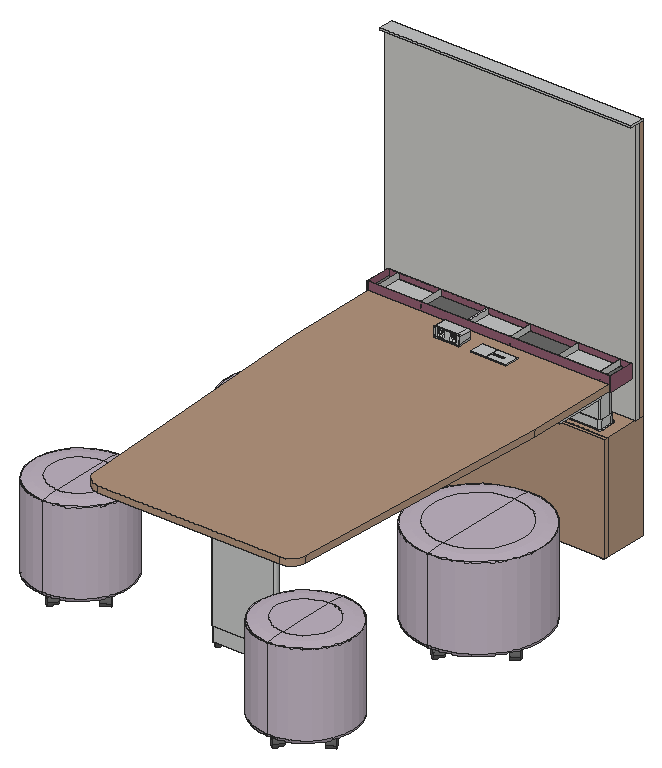
Revit family "Expansion_Casegoods-Meeting_01-Teknion-R2018", category Furniture Systems, Revit 2018 (continued)
Definition of nested family "Workstations-Multi_Level-Teknion-BHKHA-Mid_Height_Kneespace_Module-R2018"
  Lines and regions (in)
    symbolic lines
      curve 3: line (-22.46047, -2.49014, 0) -> (-15.08646, -2.49014, 0)
      curve 4: line (-22.90732, 0.17324, 0) -> (-22.90732, -2.04329, 0)
      curve 5: line (-14.63961, -2.04329, 0) -> (-14.63961, 0.17324, 0)
      curve 6: arc (-22.90732, 0.17324, 0) -> (-22.77644, 0.48921, 0) -> (-22.46047, 0.62009, 0) r 0.44685
      curve 7: arc (-15.08646, 0.62009, 0) -> (-14.77049, 0.48921, 0) -> (-14.63961, 0.17324, 0) r 0.44685
      curve 8: arc (-14.63961, -2.04329, 0) -> (-14.77049, -2.35927, 0) -> (-15.08646, -2.49014, 0) r 0.44685
      curve 9: arc (-22.46047, -2.49014, 0) -> (-22.77644, -2.35927, 0) -> (-22.90732, -2.04329, 0) r 0.44685
      curve 10: line (22.22583, 0.62009, 0) -> (14.85181, 0.62009, 0)
      curve 11: line (14.40496, 0.17324, 0) -> (14.40496, -2.04329, 0)
      curve 12: line (22.67268, -2.04329, 0) -> (22.67268, 0.17324, 0)
      curve 13: line (14.85181, -2.49014, 0) -> (22.22583, -2.49014, 0)
      curve 14: arc (14.85181, 0.62009, 0) -> (14.53584, 0.48921, 0) -> (14.40496, 0.17324, 0) r 0.44685
      curve 15: arc (22.67268, 0.17324, 0) -> (22.5418, 0.48921, 0) -> (22.22583, 0.62009, 0) r 0.44685
      curve 16: arc (14.40496, -2.04329, 0) -> (14.53584, -2.35927, 0) -> (14.85181, -2.49014, 0) r 0.44685
      curve 17: arc (22.22583, -2.49014, 0) -> (22.5418, -2.35927, 0) -> (22.67268, -2.04329, 0) r 0.44685
    symbolic lines, detail levels medium+fine
      curve 18: line (-28.95157, 4.73426, 0) -> (-28.95157, -3.51995, 0)
      curve 19: line (28.71693, 4.03348, 0) -> (-28.95157, 4.03348, 0)
      curve 20: line (28.71693, -3.51995, 0) -> (28.71693, 4.73426, 0)
      curve 21: line (0.39055, -3.51995, 0) -> (0.39055, 4.03348, 0)
      curve 22: line (-0.6252, -3.51995, 0) -> (-0.6252, 4.03348, 0)
    symbolic lines, detail levels fine
      curve 23: arc (-28.20997, 3.48618, 0) -> (-28.70997, 2.98618, 0) -> (-29.20997, 3.48618, 0) r 0.5
      curve 24: arc (-29.20997, 3.48618, 0) -> (-28.70997, 3.98618, 0) -> (-28.20997, 3.48618, 0) r 0.5
      curve 25: arc (-29.20997, -2.97265, 0) -> (-28.70997, -2.47265, 0) -> (-28.20997, -2.97265, 0) r 0.5
      curve 26: arc (-28.20997, -2.97265, 0) -> (-28.70997, -3.47265, 0) -> (-29.20997, -2.97265, 0) r 0.5
      curve 27: arc (27.97532, 3.48618, 0) -> (28.47532, 3.98618, 0) -> (28.97532, 3.48618, 0) r 0.5
      curve 28: arc (28.97532, 3.48618, 0) -> (28.47532, 2.98618, 0) -> (27.97532, 3.48618, 0) r 0.5
      curve 29: arc (27.97532, -2.97265, 0) -> (28.47532, -2.47265, 0) -> (28.97532, -2.97265, 0) r 0.5
      curve 30: arc (28.97532, -2.97265, 0) -> (28.47532, -3.47265, 0) -> (27.97532, -2.97265, 0) r 0.5
    symbolic lines, visible <- "Cabinet Divider 2D Lines"
      curve 31: line (-0.17638, -3.51995, 0) -> (-0.17638, -4.22074, 0)
      curve 32: line (-0.05827, -4.22074, 0) -> (-0.05827, -3.51995, 0)
  Dimensions and locks (in)
    "Actual Width": plane 4 "Left" to plane 5 "Right"
    locked: plane 6 "Back" to plane 7 "Front" at 8.955
    locked: plane 8 "Top" to level at 21
    equal spacing: plane 7 "Front", plane 1 "Center Front/Back", plane 6 "Back"
    equal spacing: plane 4 "Left", plane 3 "Center Left/Right", plane 5 "Right"
    locked: Sweep 1 sketch curve to plane 2 at 0.60236
    locked: plane 7 "Front" to Sweep 1 sketch curve at 0.70079
    locked: plane 7 "Front" to Sweep 2 sketch curve at 0.70079
    locked: plane 8 "Top" to Sweep 2 sketch curve at 0.11811
    locked: Sweep 2 sketch curve to level at 0.72047
    Sweep 3 sketch curve to plane 8 "Top" to Sweep 3 sketch curve = 1.73425" locked, 1.76575" locked
    Sweep 3 sketch curve to Sweep 3 sketch curve to Sweep 3 sketch curve to Sweep 3 sketch curve to Sweep 3 sketch curve to Sweep 3 sketch curve = 0.44685" locked, 0.000" locked, 7.37402" locked, 0.000" locked, 0.44685" locked
    Sweep 3 sketch curve to Sweep 3 sketch curve to Sweep 3 sketch curve to Sweep 3 sketch curve to Sweep 3 sketch curve to plane 1 "Center Front/Back" to Sweep 3 sketch curve = 0.44685" locked, 0.000" locked, 2.21654" locked, 0.000" locked, 0.08352" locked, 0.36333" locked
    Sweep 4 sketch curve to plane 8 "Top" to Sweep 4 sketch curve = 1.73425" locked, 1.76575" locked
    Sweep 4 sketch curve to Sweep 4 sketch curve to Sweep 4 sketch curve to Sweep 4 sketch curve to Sweep 4 sketch curve to Sweep 4 sketch curve = 0.44685" locked, 0.000" locked, 7.37402" locked, 0.000" locked, 0.44685" locked
    Sweep 4 sketch curve to Sweep 4 sketch curve to Sweep 4 sketch curve to Sweep 4 sketch curve to Sweep 4 sketch curve to plane 1 "Center Front/Back" to Sweep 4 sketch curve = 0.44685" locked, 0.000" locked, 2.21654" locked, 0.000" locked, 0.08352" locked, 0.36333" locked
    locked: Sweep 5 sketch curve to plane 2 at 0.60236
    locked: plane 4 "Left" to Sweep 5 sketch curve at 1.25736  (x2)
    locked: plane 6 "Back" to Sweep 5 sketch curve at 1.24809  (x2)
    locked: Sweep 5 sketch curve to plane 5 "Right" at 1.25736  (x2)
    locked: plane 7 "Front" to Sweep 5 sketch curve at 1.24809  (x2)
    locked: plane 8 "Top" to Sweep 6 sketch curve at 1.01575
    locked: Sweep 6 sketch curve to plane 2 at 1.61811
    locked: plane 6 "Back" to Sweep 6 sketch curve at 0.70079
    locked: plane 4 "Left" to Sweep 6 sketch curve at 1.01575
    locked: plane 7 "Front" to Sweep 6 sketch curve at 0.70079
    locked: Sweep 6 sketch curve to plane 5 "Right" at 1.01575
    locked: Sweep 7 sketch curve to plane 4 "Left" at 1.01575
    locked: Sweep 7 sketch curve to plane 5 "Right" at 1.01575
    locked: plane 8 "Top" to Sweep 7 sketch curve at 1.01575
    locked: Sweep 7 sketch curve to plane 2 at 9
    Sweep 8 sketch curve to plane 3 "Center Left/Right" to Sweep 8 sketch curve = 0.50787" locked, 0.50787" locked
    locked: plane 6 "Back" to Sweep 8 sketch curve at 0.70079
    locked: plane 8 "Top" to Sweep 8 sketch curve at 1.01575
    locked: Sweep 8 sketch curve to plane 7 "Front" at 0.70079
    locked: Sweep 8 sketch curve to level at 1.61811
    locked: plane 7 "Front" to plane 9 at 2
    "Cabinet Divider Cut Hole Depth": Sweep 9 sketch curve to plane 9
    Sweep 9 sketch curve to plane 3 "Center Left/Right" to Sweep 9 sketch curve = 0.05906" locked, 0.05906" locked
    locked: plane 8 "Top" to Sweep 9 sketch curve at 0.11811
    locked: Sweep 9 sketch curve to plane 2 at 0.72047
    "Cabinet Hole Offset": plane 4 "Left" to Sweep 3 sketch curve
    "Cabinet Hole Offset": Sweep 4 sketch curve to plane 5 "Right"
    locked: plane 6 "Back" to nested 1 at 3
    aligned and locked: level to plane 2
    aligned and locked: plane 8 "Top" to Sweep 1 sketch curve
    aligned and locked: plane 3 "Center Left/Right" to Sweep 1 sketch curve
    aligned and locked: plane 4 "Left" to Sweep 1 sketch curve
    aligned and locked: Sweep 1 sketch curve to plane 6 "Back"
    aligned and locked: Sweep 1 sketch curve to plane 5 "Right"
    aligned and locked: plane 7 "Front" to Sweep 2 sketch curve
    aligned and locked: Sweep 2 sketch curve to plane 5 "Right"
    aligned and locked: Sweep 2 sketch curve to plane 4 "Left"
    aligned and locked: plane 2 to Sweep 5 sketch curve
    aligned and locked: plane 1 "Center Front/Back" to Sweep 8 sketch curve
    aligned and locked: plane 9 to Sweep 9 sketch curve
    aligned and locked: Masking region 1 sketch curve to plane 4 "Left"
    aligned and locked: Masking region 1 sketch curve to plane 6 "Back"
    aligned and locked: Masking region 1 sketch curve to plane 5 "Right"
    aligned and locked: Masking region 1 sketch curve to plane 7 "Front"
    aligned and locked: curve 1 to cut or joined group of Sweep 1, Sweep 3, Sweep 4, Sweep 6, Sweep 7
    aligned and locked: curve 6 to cut or joined group of Sweep 1, Sweep 3, Sweep 4, Sweep 6, Sweep 7
    aligned and locked: curve 7 to cut or joined group of Sweep 1, Sweep 3, Sweep 4, Sweep 6, Sweep 7
    aligned and locked: curve 8 to cut or joined group of Sweep 1, Sweep 3, Sweep 4, Sweep 6, Sweep 7
    aligned and locked: curve 9 to cut or joined group of Sweep 1, Sweep 3, Sweep 4, Sweep 6, Sweep 7
    aligned and locked: curve 14 to cut or joined group of Sweep 1, Sweep 3, Sweep 4, Sweep 6, Sweep 7
    aligned and locked: curve 15 to cut or joined group of Sweep 1, Sweep 3, Sweep 4, Sweep 6, Sweep 7
    aligned and locked: curve 16 to cut or joined group of Sweep 1, Sweep 3, Sweep 4, Sweep 6, Sweep 7
    aligned and locked: curve 17 to cut or joined group of Sweep 1, Sweep 3, Sweep 4, Sweep 6, Sweep 7
    aligned and locked: curve 18 to cut or joined group of Sweep 1, Sweep 3, Sweep 4, Sweep 6, Sweep 7
    aligned and locked: curve 19 to cut or joined group of Sweep 1, Sweep 3, Sweep 4, Sweep 6, Sweep 7
    aligned and locked: curve 20 to cut or joined group of Sweep 1, Sweep 3, Sweep 4, Sweep 6, Sweep 7
    aligned and locked: curve 21 to Sweep 8
    aligned and locked: curve 22 to Sweep 8
    aligned and locked: curve 23 to Sweep 5
    aligned and locked: curve 24 to Sweep 5
    aligned and locked: curve 25 to Sweep 5
    aligned and locked: curve 26 to Sweep 5
    aligned and locked: curve 27 to Sweep 5
    aligned and locked: curve 28 to Sweep 5
    aligned and locked: curve 29 to Sweep 5
    aligned and locked: curve 30 to Sweep 5
    aligned and locked: curve 31 to cut or joined group of Sweep 2, Sweep 9
    aligned and locked: cut or joined group of Sweep 2, Sweep 9 to curve 32
    aligned and locked: plane 3 "Center Left/Right" to nested 1
  Automatic sketch dimensions
    Sweep 2 sketch curve to plane 3 "Center Left/Right" = 0.000"
    plane 4 "Left" to Sweep 3 sketch curve = 6.4675"
    plane 3 "Center Left/Right" to Sweep 4 sketch curve = 14.4275"
    Sweep 5 sketch curve to plane 3 "Center Left/Right" = 0.000"
    Sweep 6 sketch curve to plane 3 "Center Left/Right" = 0.000"
    Sweep 7 sketch curve to plane 3 "Center Left/Right" = 0.000"
    Sweep 7 sketch curve to plane 6 "Back" = 0.000"
    Sweep 7 sketch curve to plane 6 "Back" = 0.70079"
    Sweep 9 sketch curve to plane 3 "Center Left/Right" = 0.000"
    curve 1 to plane 4 "Left" = 0.000"
    curve 1 to plane 5 "Right" = 0.000"
    plane 7 "Front" to curve 32 = 0.000"
    plane 7 "Front" to curve 31 = 0.000"
    plane 6 "Back" to curve 20 = 0.000"
    curve 18 to plane 6 "Back" = 0.000"
    radius of Sweep 5 sketch curve = 0.500"  (x4)
  Nested families (in)
    nested 1: "Teknion_2D_Node_Family-R2016" at (-0.11732, 1.73426, 0), visible <- "Connection Node Visibility", type "Teknion_2D_Node_Family-R2016"
  Definition of nested family "Teknion_2D_Node_Family-R2016"
    Reference planes (in)
      plane 1 "Center (Front/Back)": y = 0
      plane 2: z = 0
      plane 3 "Center (Left/Right)": x = 0
    Lines and regions (in)
      detail lines, in view "Ref. Level"
        curve 1: circle (0, 0, 0) r 1.25 normal (0, 0, 1)
        curve 2: line (1.91508, -1.91508, 0) -> (-1.91508, 1.91508, 0)
        curve 3: line (-1.91508, -1.91508, 0) -> (1.91508, 1.91508, 0)
Definition of nested family "Storage-Mounted-Teknion-B_WPA-Wall_Panel-R2018"
  Parameters (values of type "On High Secondary Desk")
    Width [instance] = 48.000"
    Warranty = "http://www.teknion.com/ca/papers/legal-canada"
    Unit Weight URL = "http://www.teknion.com/pricing/expansion-casegoods/pdfs/wv.pdf"
    URL = "http://www.teknion.com/"
    Top and Accessory Rail Finish [instance] = none
    Tackboard Upholstery Finish [instance] = none
    Tackboard Bottom Starting Offset [instance] = if(and(High Secondary Desk Mounting Style, not(Has Accessory Rail)), 26.972", if(and([1" Thick Standard Worksurface Mounting Style], not(Has Accessory Rail)), 28.823", if(and([1-3/16" Thick Standard Worksurface Mounting Style], not(Has Accessory Rail)), 28.996", if(and([1-9/16" Thick Standard Worksurface Mounting Style], not(Has Accessory Rail)), 29.362", if(and([Mid-Height Mounting Style], not(Has Accessory Rail)), 21.000", 34.620")))))  # 34.620"
    Sustainability Data = "http://www.teknion.com/about-teknion/environment/datasheets.asp"
    Product Page URL = "http://www.teknion.com/ca/products/product-details?productlineid=0053336e-8e7a-673b-a6c8-ff00004460c4"
    Product Line = "Expansion Casegoods"  # constant formula
    Product Documentation Link #7 = "http://www.teknion.com/pricing/Expansion-Casegoods/pdfs/BBAS_ppg.pdf"
    Product Documentation Link #6 = "http://www.teknion.com/pricing/Expansion-Casegoods/pdfs/BLED_ppg.pdf"
    Product Documentation Link #5 = "http://www.teknion.com/pricing/Expansion-Casegoods/pdfs/BBWAM_ppg.pdf"
    Product Documentation Link #4 = "http://www.teknion.com/pricing/Expansion-Casegoods/pdfs/BBWAE_ppg.pdf"
    Product Documentation Link #3 = "http://www.teknion.com/pricing/Expansion-Casegoods/pdfs/BBWAP_ppg.pdf"
    Product Documentation Link #2 = "http://www.teknion.com/pricing/Expansion-Casegoods/pdfs/BBWAT_ppg.pdf"
    Product Documentation Link = "http://www.teknion.com/pricing/Expansion-Casegoods/pdfs/B_WPA_ppg.pdf"
    Power/Data Visibility [instance] = if(and(not(Low Secondary Desk Mounting Style), not(Has Accessory Rail), or(Has Glass Markerboard, Has Porcelain Markerboard, Has Fabric Tackboard, Has Felt Tackboard)), 1 > 2, not(No Power and Data))  # no
    Power/Data Plan View Offset [instance] = if(or([Power and Data Under Worksurface - Left], [Power and Data Over Worksurface - Left]), 15.000", if(or([Power and Data Under Worksurface - Right], [Power and Data Over Worksurface - Right]), Actual Width - 15.000", Actual Width / 2))  # 23.880"
    Power Data Height Offset [instance] = if(High Secondary Desk Mounting Style, 3.648", if([1" Thick Standard Worksurface Mounting Style], 1.797", if([1-3/16" Thick Standard Worksurface Mounting Style], 1.624", if([1-9/16" Thick Standard Worksurface Mounting Style], 1.258", if(and(Low Secondary Desk Mounting Style, or([Power and Data Over Worksurface - Center], [Power and Data Over Worksurface - Left], [Power and Data Over Worksurface - Right])), 13.195", 3.480")))))  # 3.648"
    Porcelain/Glass Markerboard Visibility [instance] = or(Has Glass Markerboard, Has Porcelain Markerboard)  # no
    Part Number = "B_WPA"  # constant formula
    Panel Finish [instance] = none
    No Power and Data [instance] = not(or([Power and Data Over Worksurface - Center], [Power and Data Over Worksurface - Left], [Power and Data Over Worksurface - Right], [Power and Data Under Worksurface - Center], [Power and Data Under Worksurface - Left], [Power and Data Under Worksurface - Right]))  # yes
    Power and Data Under Worksurface - Right [instance] = no
    Power and Data Under Worksurface - Left [instance] = no
    Power and Data Under Worksurface - Center [instance] = no
    Linear LED Light Width Type [instance] = Lighting-Teknion-BLED_Linear_LED_Light-R2018 : 48" Width
    Light Shelf Note [instance] = "Light Shelf can only be specified if the Has Top Shelf & Accessory Rail option is selected above."  # constant formula
    Light Shelf Finish = none
    Has Porcelain Markerboard [instance] = no
    Has No Accessory Board [instance] = not(or(Has Glass Markerboard, Has Porcelain Markerboard, Has Fabric Tackboard, Has Felt Tackboard))  # yes
    Has Linear LED Light [instance] = yes
    Has Light Shelf [instance] = no
    Has Felt Tackboard [instance] = no
    Fabric/Felt Tackboard Visibility [instance] = or(Has Fabric Tackboard, Has Felt Tackboard)  # no
    Available Widths [instance] = "24, 30, 36, 42, 48, 54, 60, 66, 72, 78, 84, or 90 inches."  # constant formula
    Model = "BHWPA_____"
    Mid-Height Mounting Style = no
    Manufacturer Phone = "416-661-3370"  # constant formula
    Manufacturer Fax = "416.661.4586"  # constant formula
    Manufacturer Contact Information = "http://www.teknion.com/ca/contactus"
    Manufacturer Address = "1150 Flint Road, Toronto, ON. M3J 2J5. Canada"
    Manufacturer = "Teknion"  # constant formula
    Low Secondary Desk Mounting Style = no
    High Secondary Desk Mounting Style = yes
    Has Fabric Tackboard [instance] = no
    Bottom of Standard Overhead Cabinet mounted at 72" [instance] = no
    Bottom of Standard Overhead Cabinet mounted at 66" [instance] = no
    Power and Data Over Worksurface - Right [instance] = no
    Power and Data Over Worksurface - Left [instance] = no
    Power and Data Over Worksurface - Center [instance] = no
    Has Glass Markerboard [instance] = no
    Bottom of Cubic Overhead Cabinet mounted at 72" [instance] = no
    Bottom of Cubic Overhead Cabinet mounted at 66" [instance] = not(or([72" Datum Height], [66" Datum Height], [Bottom of Standard Overhead Cabinet mounted at 72"], [Bottom of Cubic Overhead Cabinet mounted at 72"], [Bottom of Standard Overhead Cabinet mounted at 66"]))  # no
    Has Accessory Rail [instance] = yes
    Glass Markerboard Finish [instance] = none
    Description = "Wall Panel, High Secondary Desk"
    Datum Height Note [instance] = if(or([1" Thick Standard Worksurface Mounting Style], [1-3/16" Thick Standard Worksurface Mounting Style], [1-9/16" Thick Standard Worksurface Mounting Style]), "Please choose one of the following options below. Bottom of Cubic Overhead Cabinet at 66 and Bottom of Cubic Overhead Cabinet mounted at 72 options not available", if([Mid-Height Mounting Style], "Select either 66 Datum Height or 72 Datum Height.", "Please choose one of the following options below."))  # "Please choose one of the following options below."
    Bottom of Wall Panel Height = if(High Secondary Desk Mounting Style, 26.972", if(Low Secondary Desk Mounting Style, 17.425", if([1" Thick Standard Worksurface Mounting Style], 28.823", if([1-3/16" Thick Standard Worksurface Mounting Style], 28.996", if([1-9/16" Thick Standard Worksurface Mounting Style], 29.362", 21.000")))))  # 26.972"
    Available Electrical Options [instance] = if(or([Mid-Height Mounting Style], Width = 24.000", Width = 30.000"), "Choose No Power and Data.", if(or(Width = 36.000", Width = 42.000"), "Choose between No Power and Data, Power and Data Under Worksurface - Center, or Power and Data Over Worksurface - Center", if(and(Low Secondary Desk Mounting Style, not(or(Width = 24.000", Width = 30.000", Width = 36.000", Width = 42.000"))), "Choose one of the following options below.", "Choose between Power and Data Over Worksurface - Center, Power and Data Over Worksurface - Left, Power and Data Over Worksurface - Right, or No Power and Data.")))  # "Choose between Power and Data Over Worksurface - Center, Power and Data Over Worksurface - Left, Power and Data Over Worksurface - Right, or No Power and Data."
    Assembly Code = "E2020200"
    Actual Width [instance] = if(Width = 24.000", 23.880", if(Width = 30.000", 29.850", if(Width = 36.000", 35.820", if(Width = 42.000", 41.790", if(Width = 48.000", 47.760", if(Width = 54.000", 53.730", if(Width = 60.000", 59.700", if(Width = 66.000", 65.670", if(Width = 72.000", 71.640", if(Width = 78.000", 77.610", if(Width = 84.000", 83.580", 89.551")))))))))))  # 47.760"
    Actual Height [instance] = if([72" Datum Height], 71.626", if([66" Datum Height], 65.374", if([Bottom of Standard Overhead Cabinet mounted at 72"], 57.059", if([Bottom of Cubic Overhead Cabinet mounted at 72"], 53.644", if([Bottom of Standard Overhead Cabinet mounted at 66"], 50.807", 49.476")))))  # 65.374"
    Accessories Note [instance] = "Choose one of the following options below."  # constant formula
    72" Datum Height [instance] = no
    66" Datum Height [instance] = yes
    1-9/16" Thick Standard Worksurface Mounting Style = no
    1-3/16" Thick Standard Worksurface Mounting Style = no
    1" Thick Standard Worksurface Mounting Style = no
  Types (6): name | Power Data Height Offset | Model | Mid-Height Mounting Style | Low Secondary Desk Mounting Style | High Secondary Desk Mounting Style | Description | Datum Height Note | Bottom of Wall Panel Height | Available Electrical Options | 1-9/16" Thick Standard Worksurface Mounting Style | 1-3/16" Thick Standard Worksurface Mounting Style | 1" Thick Standard Worksurface Mounting Style
    On High Secondary Desk | 3.648" | "BHWPA_____" | no | no | yes | "Wall Panel, High Secondary Desk" | "Please choose one of the following options below." | 26.972" | "Choose between Power and Data Over Worksurface - Center, Power and Data Over Worksurface - Left, Power and Data Over Worksurface - Right, or No Power and Data." | no | no | no
    On Low Secondary Desk | 3.480" | "BLWPA_____" | no | yes | no | "Wall Panel, Low Secondary Desk" | "Please choose one of the following options below." | 17.425" | "Choose one of the following options below." | no | no | no
    On 1" Thick Standard Worksurface | 1.797" | "BDWPA_____" | no | no | no | "Wall Panel, On 1\" Thick Standard Worksurface" | "Please choose one of the following options below. Bottom of Cubic Overhead Cabinet at 66 and Bottom of Cubic Overhead Cabinet mounted at 72 options not available" | 28.823" | "Choose between Power and Data Over Worksurface - Center, Power and Data Over Worksurface - Left, Power and Data Over Worksurface - Right, or No Power and Data." | no | no | yes
    On 1-3/16" Thick Standard Worksurface | 1.624" | "BMWPA_____" | no | no | no | "Wall Panel, On 1-3/16\" Thick Standard Worksurface" | "Please choose one of the following options below. Bottom of Cubic Overhead Cabinet at 66 and Bottom of Cubic Overhead Cabinet mounted at 72 options not available" | 28.996" | "Choose between Power and Data Over Worksurface - Center, Power and Data Over Worksurface - Left, Power and Data Over Worksurface - Right, or No Power and Data." | no | yes | no
    On 1-9/16" Thick Standard Worksurface | 1.258" | "BXWPA_____" | no | no | no | "Wall Panel, On 1-9/16\" Thick Standard Worksurface" | "Please choose one of the following options below. Bottom of Cubic Overhead Cabinet at 66 and Bottom of Cubic Overhead Cabinet mounted at 72 options not available" | 29.362" | "Choose between Power and Data Over Worksurface - Center, Power and Data Over Worksurface - Left, Power and Data Over Worksurface - Right, or No Power and Data." | yes | no | no
    Mid-Height Mounting Style | 3.480" | "BKWPA_____" | yes | no | no | "Wall Panel, Mid-Height Mounting Style" | "Select either 66 Datum Height or 72 Datum Height." | 21.000" | "Choose No Power and Data." | no | no | no
  Reference planes (in)
    plane 1 "Center F/B": y = 0
    plane 2 "Bottom of Panel": z = 26.972
    plane 3 "Center L/R": x = 0
    plane 4 "Left": x = -23.88
    plane 5 "Right": x = 23.88
    plane 6 "Back": y = 0.5
    plane 7 "Front": y = -0.5
    plane 8 "Top": z = 65.374
    plane 9: z = 0
    plane 10: z = 49.19018
    plane 11: z = 34.38
    plane 12: y = -0.98071
    plane 13 "Power/Data Offset": x = 0
    plane 14 "Power/Data Height Offset": z = 30.62
  Forms (in)
    Sweep 1, solid, material <- "Panel Finish"
      path origin (0, 0, 0) x (1, 0, 0) y (0, 1, 0)
        loop
          line (-23.88, 0) -> (23.88, 0)
      profile origin (0, 0, 0) x (0, 1, 0) y (0, 0, 1)
        loop
          line (0.5, 65.05904) -> (-0.5, 65.05904) -> (-0.5, 26.972) -> (0.5, 26.972) -> (0.5, 65.05904)
    Sweep 2, solid, material <- "Top and Accessory Rail Finish"
      path origin (0, 0, 0) x (1, 0, 0) y (0, 1, 0)
        loop
          line (-23.88, 0) -> (23.88, 0)
      profile origin (0, 0, 0) x (0, 1, 0) y (0, 0, 1)
        loop
          line (0.5, 65.374) -> (-2.2874, 65.374) -> (-2.2874, 65.05904) -> (0.5, 65.05904) -> (0.5, 65.374)
    Sweep 3, solid, material <- "Top and Accessory Rail Finish", visible <- "Has Accessory Rail"
      path origin (0, 0, -37.58062) x (1, 0, 0) y (0, 1, 0)
        loop
          line (-23.88, 0) -> (23.88, 0)
      profile origin (0, 0, -37.58062) x (0, 1, 0) y (0, 0, 1)
        loop
          line (-0.5, 72.19685) -> (-1.18504, 72.19685) -> (-1.18504, 72.09842) -> (-1.46063, 72.09842) -> (-1.46063, 71.2874) -> (-0.5, 71.2874) -> (-0.5, 72.19685)
    Sweep 4, solid, visible <- "Power/Data Visibility"
      path origin (0, 0, -27.56363) x (1, 0, 0) y (0, 1, 0)
        loop
          line (-7.48031, 0) -> (7.48031, 0)
      profile origin (0, 0, -27.56363) x (0, 1, 0) y (0, 0, 1)
        loop
          line (-0.7126, 60.8608) -> (-0.7126, 58.18363) -> (-0.5, 58.18363) -> (-0.5, 60.8608) -> (-0.7126, 60.8608)
    Sweep 5, solid, material <- "Tackboard Upholstery Finish", visible <- "Fabric/Felt Tackboard Visibility"
      path origin (0, 0, -16.37402) x (1, 0, 0) y (0, 1, 0)
        loop
          line (-23.88, 0) -> (23.88, 0)
      profile origin (0, 0, -16.37402) x (0, 1, 0) y (0, 0, 1)
        loop
          line (-1.18504, 50.99402) -> (-0.5, 50.99402) -> (-0.5, 81.43306) -> (-1.18504, 81.43306) -> (-1.18504, 50.99402)
    Extrusion 6, solid, visible <- "Power/Data Visibility"
      sketch origin (0, -0.5, -0.18961) x (1, 0, 0) y (0, 0, 1)
        loop
          line (-3.62205, 32.93944) -> (-6.92913, 32.93944) -> (-6.92913, 31.36464) -> (-3.62205, 31.36464) -> (-3.62205, 32.93944)
      from 0.2126 to 0.64961
    Extrusion 7, solid, visible <- "Power/Data Visibility"
      sketch origin (10.5, -0.5, -0.18961) x (1, 0, 0) y (0, 0, 1)
        loop
          line (-4.88976, 32.67969) -> (-4.88976, 31.6167) -> (-3.82677, 31.6167) -> (-3.82677, 32.67969) -> (-4.88976, 32.67969)
        loop
          line (-3.95276, 32.3982) -> (-3.95276, 32.49269) -> (-4.26772, 32.49269) -> (-4.26772, 32.3982) -> (-3.95276, 32.3982)
        loop
          arc (-4.54331, 32.05371) -> (-4.44882, 32.1482) -> (-4.54331, 32.24269) r 0.09449
          line (-4.54331, 32.24269) -> (-4.70079, 32.24269) -> (-4.70079, 32.05371) -> (-4.54331, 32.05371)
        loop
          line (-4.26772, 31.8982) -> (-4.26772, 31.80371) -> (-3.95276, 31.80371) -> (-3.95276, 31.8982) -> (-4.26772, 31.8982)
      from 0.2126 to 0.29291
    Extrusion 8, solid, visible <- "Power/Data Visibility"
      sketch origin (9.24016, -0.5, -0.18961) x (1, 0, 0) y (0, 0, 1)
        loop
          line (-4.88976, 32.67969) -> (-4.88976, 31.6167) -> (-3.82677, 31.6167) -> (-3.82677, 32.67969) -> (-4.88976, 32.67969)
        loop
          line (-3.95276, 32.3982) -> (-3.95276, 32.49269) -> (-4.26772, 32.49269) -> (-4.26772, 32.3982) -> (-3.95276, 32.3982)
        loop
          arc (-4.54331, 32.05371) -> (-4.44882, 32.1482) -> (-4.54331, 32.24269) r 0.09449
          line (-4.54331, 32.24269) -> (-4.70079, 32.24269) -> (-4.70079, 32.05371) -> (-4.54331, 32.05371)
        loop
          line (-4.26772, 31.8982) -> (-4.26772, 31.80371) -> (-3.95276, 31.80371) -> (-3.95276, 31.8982) -> (-4.26772, 31.8982)
      from 0.2126 to 0.29291
    Extrusion 9, solid, visible <- "Power/Data Visibility"
      sketch origin (7.98031, -0.5, -0.18961) x (1, 0, 0) y (0, 0, 1)
        loop
          line (-4.88976, 32.67969) -> (-4.88976, 31.6167) -> (-3.82677, 31.6167) -> (-3.82677, 32.67969) -> (-4.88976, 32.67969)
        loop
          line (-3.95276, 32.3982) -> (-3.95276, 32.49269) -> (-4.26772, 32.49269) -> (-4.26772, 32.3982) -> (-3.95276, 32.3982)
        loop
          arc (-4.54331, 32.05371) -> (-4.44882, 32.1482) -> (-4.54331, 32.24269) r 0.09449
          line (-4.54331, 32.24269) -> (-4.70079, 32.24269) -> (-4.70079, 32.05371) -> (-4.54331, 32.05371)
        loop
          line (-4.26772, 31.8982) -> (-4.26772, 31.80371) -> (-3.95276, 31.80371) -> (-3.95276, 31.8982) -> (-4.26772, 31.8982)
      from 0.2126 to 0.29291
    Extrusion 10, solid, visible <- "Power/Data Visibility"
      sketch origin (6.72047, -0.5, -0.18961) x (1, 0, 0) y (0, 0, 1)
        loop
          line (-4.88976, 32.67969) -> (-4.88976, 31.6167) -> (-3.82677, 31.6167) -> (-3.82677, 32.67969) -> (-4.88976, 32.67969)
        loop
          line (-3.95276, 32.3982) -> (-3.95276, 32.49269) -> (-4.26772, 32.49269) -> (-4.26772, 32.3982) -> (-3.95276, 32.3982)
        loop
          arc (-4.54331, 32.05371) -> (-4.44882, 32.1482) -> (-4.54331, 32.24269) r 0.09449
          line (-4.54331, 32.24269) -> (-4.70079, 32.24269) -> (-4.70079, 32.05371) -> (-4.54331, 32.05371)
        loop
          line (-4.26772, 31.8982) -> (-4.26772, 31.80371) -> (-3.95276, 31.80371) -> (-3.95276, 31.8982) -> (-4.26772, 31.8982)
      from 0.2126 to 0.29291
    Extrusion 11, solid, visible <- "Power/Data Visibility"
      sketch origin (4.25, -0.5, -0.18961) x (1, 0, 0) y (0, 0, 1)
        loop
          circle (-5.14568, 32.14822) r 0.1516
      from 0.2126 to 0.46457
    Sweep 12, solid, material <- "Glass Markerboard Finish", visible <- "Porcelain/Glass Markerboard Visibility"
      path origin (0, 0, 0) x (1, 0, 0) y (0, 1, 0)
        loop
          line (-23.88, 0) -> (23.88, 0)
      profile origin (0, 0, 0) x (0, 1, 0) y (0, 0, 1)
        loop
          line (-1.18504, 34.62) -> (-0.98071, 34.62) -> (-0.98071, 65.05904) -> (-1.18504, 65.05904) -> (-1.18504, 34.62)
    Sweep 13, solid, visible <- "Porcelain/Glass Markerboard Visibility"
      path origin (0, 0, 0) x (1, 0, 0) y (0, 1, 0)
        loop
          line (-23.88, 0) -> (23.88, 0)
      profile origin (0, 0, 0) x (0, 1, 0) y (0, 0, 1)
        loop
          line (-0.98071, 34.62) -> (-0.5, 34.62) -> (-0.5, 65.05904) -> (-0.98071, 65.05904) -> (-0.98071, 34.62)
    Extrusion 14, solid, material <- "Light Shelf Finish", visible <- "Has Light Shelf"
      sketch origin (-17.91, 0, -20.33308) x (0, 1, 0) y (0, 0, 1)
        loop
          line (-5.82638, 54.92869) -> (-5.82638, 54.69247) -> (-1.46063, 54.69247) -> (-1.46063, 54.85388) -> (-1.18071, 54.85388) -> (-1.18071, 54.92869) -> (-5.82638, 54.92869)
      from -5.97 to 41.79
  Lines and regions (in)
    Masking region 1
      outline origin (0, 0, 0) x (1, 0, 0) y (0, 1, 0)
        loop
          line (-23.88, 0.5) -> (-23.88, -2.2874) -> (23.88, -2.2874) -> (23.88, 0.5) -> (-23.88, 0.5)
    Masking region 2, visible <- "Has Light Shelf"
      outline origin (0, 0, 0) x (1, 0, 0) y (0, 1, 0)
        loop
          line (-23.88, -1.0855) -> (-23.88, -5.82638) -> (23.88, -5.82638) -> (23.88, -1.0855) -> (-23.88, -1.0855)
    symbolic lines, detail levels medium+fine
      curve 1: line (-23.88, -0.5, 0) -> (23.88, -0.5, 0)
    symbolic lines, detail levels fine
      curve 2: line (-23.88, -1.18504, 0) -> (23.88, -1.18504, 0)
    symbolic lines, visible <- "Power/Data Visibility", detail levels fine
      curve 3: line (-7.48031, -0.7126, 0) -> (7.48031, -0.7126, 0)
      curve 4: line (7.48031, -0.7126, 0) -> (7.48031, -0.5, 0)
      curve 5: line (7.48031, -0.5, 0) -> (-7.48031, -0.5, 0)
      curve 6: line (-7.48031, -0.5, 0) -> (-7.48031, -0.7126, 0)
      curve 7: line (1.83071, -0.7126, 0) -> (1.83071, -0.79291, 0)
      curve 8: line (1.83071, -0.79291, 0) -> (2.8937, -0.79291, 0)
      curve 9: line (2.8937, -0.79291, 0) -> (2.8937, -0.7126, 0)
      curve 10: line (3.09055, -0.7126, 0) -> (3.09055, -0.79291, 0)
      curve 11: line (3.09055, -0.79291, 0) -> (4.15354, -0.79291, 0)
      curve 12: line (4.35039, -0.79291, 0) -> (5.41339, -0.79291, 0)
      curve 13: line (5.61024, -0.79291, 0) -> (6.67323, -0.79291, 0)
      curve 14: line (6.67323, -0.79291, 0) -> (6.67323, -0.7126, 0)
      curve 15: line (-3.62205, -1.14961, 0) -> (-3.62205, -0.7126, 0)
      curve 16: line (-6.92913, -1.14961, 0) -> (-3.62205, -1.14961, 0)
      curve 17: line (-6.92913, -0.7126, 0) -> (-6.92913, -1.14961, 0)
    reference lines, not visible
      curve 18: line (23.88, -0.5, 0) -> (-23.88, -0.5, 0)
      curve 19: line (-23.88, 0.5, 0) -> (-23.88, -0.5, 0)
      curve 20: line (-23.88, 0.5, 0) -> (23.88, 0.5, 0)
      curve 21: line (23.88, 0.5, 0) -> (23.88, -0.5, 0)
  Dimensions and locks (in)
    equal spacing: plane 4 "Left", plane 3 "Center L/R", plane 5 "Right"
    equal spacing: plane 6 "Back", plane 1 "Center F/B", plane 7 "Front"
    locked: plane 6 "Back" to plane 7 "Front" at 1
    locked: plane 8 "Top" to Sweep 2 sketch curve at 0.31496
    locked: plane 6 "Back" to Sweep 2 sketch curve at 2.7874
    locked: plane 8 "Top" to Sweep 1 sketch curve at 0.31496
    "Actual Width": plane 4 "Left" to plane 5 "Right"
    locked: plane 7 "Front" to Sweep 3 sketch curve at 0.96063
    Sweep 4 sketch curve to Sweep 4 sketch curve to plane 14 "Power/Data Height Offset" = 2.67717" locked, 0.000" locked
    locked: plane 7 "Front" to Sweep 5 sketch curve at 0.68504
    Sweep 3 sketch curve to Sweep 3 sketch curve to plane 11 to Sweep 3 sketch curve = 0.09843" locked, 0.1378" locked, 0.67322" locked
    "Bottom of Wall Panel Height": plane 2 "Bottom of Panel" to plane 9
    "Actual Height": plane 8 "Top" to plane 9
    locked: plane 11 to level at 34.38
    plane 13 "Power/Data Offset" to Extrusion 6 sketch curve to Extrusion 6 sketch curve = 3.62205" locked, 3.30709" locked
    Extrusion 6 sketch curve to Extrusion 6 sketch curve to plane 14 "Power/Data Height Offset" = 1.5748" locked, 0.55502" locked
    Extrusion 7 sketch curve to Extrusion 7 sketch curve to plane 13 "Power/Data Offset" = 1.06299" locked, 5.61024" locked
    Extrusion 7 sketch curve to Extrusion 7 sketch curve to plane 14 "Power/Data Height Offset" = 1.06299" locked, 0.80709" locked
    Extrusion 7 sketch curve to Extrusion 7 sketch curve to Extrusion 7 sketch curve to Extrusion 7 sketch curve to Extrusion 7 sketch curve to Extrusion 7 sketch curve to Extrusion 7 sketch curve = 0.12598" locked, 0.000" locked, 0.31496" locked, 0.000" locked, 0.27559" locked, 0.15748" locked
    Extrusion 7 sketch curve to Extrusion 7 sketch curve to Extrusion 7 sketch curve to Extrusion 7 sketch curve to Extrusion 7 sketch curve to Extrusion 7 sketch curve to Extrusion 7 sketch curve to Extrusion 7 sketch curve = 0.18701" locked, 0.09449" locked, 0.15551" locked, 0.09449" locked, 0.09449" locked, 0.15551" locked, 0.09449" locked
    Extrusion 8 sketch curve to Extrusion 8 sketch curve to plane 13 "Power/Data Offset" = 1.06299" locked, 4.35039" locked
    Extrusion 8 sketch curve to Extrusion 8 sketch curve to plane 14 "Power/Data Height Offset" = 1.06299" locked, 0.80709" locked
    Extrusion 8 sketch curve to Extrusion 8 sketch curve to Extrusion 8 sketch curve to Extrusion 8 sketch curve to Extrusion 8 sketch curve to Extrusion 8 sketch curve to Extrusion 8 sketch curve = 0.12598" locked, 0.000" locked, 0.31496" locked, 0.000" locked, 0.27559" locked, 0.15748" locked
    Extrusion 8 sketch curve to Extrusion 8 sketch curve to Extrusion 8 sketch curve to Extrusion 8 sketch curve to Extrusion 8 sketch curve to Extrusion 8 sketch curve to Extrusion 8 sketch curve to Extrusion 8 sketch curve = 0.18701" locked, 0.09449" locked, 0.15551" locked, 0.09449" locked, 0.09449" locked, 0.15551" locked, 0.09449" locked
    Extrusion 9 sketch curve to Extrusion 9 sketch curve to plane 13 "Power/Data Offset" = 1.06299" locked, 3.09055" locked
    Extrusion 9 sketch curve to Extrusion 9 sketch curve to plane 14 "Power/Data Height Offset" = 1.06299" locked, 0.80709" locked
    Extrusion 9 sketch curve to Extrusion 9 sketch curve to Extrusion 9 sketch curve to Extrusion 9 sketch curve to Extrusion 9 sketch curve to Extrusion 9 sketch curve to Extrusion 9 sketch curve = 0.12598" locked, 0.000" locked, 0.31496" locked, 0.000" locked, 0.27559" locked, 0.15748" locked
    Extrusion 9 sketch curve to Extrusion 9 sketch curve to Extrusion 9 sketch curve to Extrusion 9 sketch curve to Extrusion 9 sketch curve to Extrusion 9 sketch curve to Extrusion 9 sketch curve to Extrusion 9 sketch curve = 0.18701" locked, 0.09449" locked, 0.15551" locked, 0.09449" locked, 0.09449" locked, 0.15551" locked, 0.09449" locked
    Extrusion 10 sketch curve to Extrusion 10 sketch curve to plane 13 "Power/Data Offset" = 1.06299" locked, 1.83071" locked
    Extrusion 10 sketch curve to Extrusion 10 sketch curve to plane 14 "Power/Data Height Offset" = 1.06299" locked, 0.80709" locked
    Extrusion 10 sketch curve to Extrusion 10 sketch curve to Extrusion 10 sketch curve to Extrusion 10 sketch curve to Extrusion 10 sketch curve to Extrusion 10 sketch curve to Extrusion 10 sketch curve = 0.12598" locked, 0.000" locked, 0.31496" locked, 0.000" locked, 0.27559" locked, 0.15748" locked
    Extrusion 10 sketch curve to Extrusion 10 sketch curve to Extrusion 10 sketch curve to Extrusion 10 sketch curve to Extrusion 10 sketch curve to Extrusion 10 sketch curve to Extrusion 10 sketch curve to Extrusion 10 sketch curve = 0.18701" locked, 0.09449" locked, 0.15551" locked, 0.09449" locked, 0.09449" locked, 0.15551" locked, 0.09449" locked
    locked: Extrusion 6 to plane 7 "Front" at 0.64961
    Extrusion 10 to Extrusion 9 to Extrusion 8 to Extrusion 7 to plane 7 "Front" = 0.000" locked, 0.000" locked, 0.000" locked, 0.29291" locked
    locked: plane 13 "Power/Data Offset" to Extrusion 11 sketch curve at 0.89568
    locked: Extrusion 11 sketch curve to plane 14 "Power/Data Height Offset" at 1.33861
    locked: Extrusion 11 to plane 7 "Front" at 0.46457
    "Tackboard Bottom Starting Offset": Sweep 5 sketch curve to level
    "Tackboard Bottom Starting Offset": Sweep 12 sketch curve to level
    locked: plane 1 "Center F/B" to plane 12 at 0.98071
    locked: plane 12 to Sweep 12 sketch curve at 0.20433
    "Tackboard Bottom Starting Offset": Sweep 13 sketch curve to level
    "Power/Data Plan View Offset": plane 4 "Left" to plane 13 "Power/Data Offset"
    Sweep 4 sketch curve to plane 13 "Power/Data Offset" to Sweep 4 sketch curve = 7.48031" locked, 7.48031" locked
    "Power Data Height Offset": plane 2 "Bottom of Panel" to plane 14 "Power/Data Height Offset"
    plane 12 to Extrusion 14 sketch curve to Extrusion 14 sketch curve to Extrusion 14 sketch curve = 0.200" locked, 0.27992" locked, 4.36575" locked
    Extrusion 14 sketch curve to plane 11 to Extrusion 14 sketch curve to Extrusion 14 sketch curve = 0.02062" locked, 0.1408" locked, 0.0748" locked
    aligned and locked: plane 5 "Right" to Sweep 1 sketch curve
    aligned and locked: plane 4 "Left" to Sweep 1 sketch curve
    aligned and locked: Sweep 1 sketch curve to plane 1 "Center F/B"
    aligned and locked: Sweep 1 sketch curve to plane 6 "Back"
    aligned and locked: Sweep 1 sketch curve to plane 7 "Front"
    aligned and locked: plane 2 "Bottom of Panel" to Sweep 1 sketch curve
    aligned and locked: Sweep 2 sketch curve to plane 6 "Back"
    aligned and locked: Sweep 2 sketch curve to plane 8 "Top"
    aligned and locked: Masking region 1 sketch curve to plane 6 "Back"
    aligned and locked: Masking region 1 sketch curve to plane 4 "Left"
    aligned and locked: Masking region 1 sketch curve to Sweep 2
    aligned and locked: Masking region 1 sketch curve to plane 5 "Right"
    aligned and locked: curve 1 to Sweep 1
    aligned and locked: Sweep 3 sketch curve to plane 7 "Front"
    aligned and locked: Sweep 4 sketch curve to plane 7 "Front"
    aligned and locked: plane 1 "Center F/B" to Sweep 4 sketch curve
    aligned and locked: Sweep 3 sketch curve to plane 1 "Center F/B"
    aligned and locked: plane 4 "Left" to Sweep 3 sketch curve
    aligned and locked: plane 5 "Right" to Sweep 3 sketch curve
    aligned and locked: plane 7 "Front" to Sweep 5 sketch curve
    aligned and locked: Sweep 5 sketch curve to plane 1 "Center F/B"
    aligned and locked: plane 5 "Right" to Sweep 5 sketch curve
    aligned and locked: plane 4 "Left" to Sweep 5 sketch curve
    aligned and locked: plane 4 "Left" to Sweep 2 sketch curve
    aligned and locked: plane 5 "Right" to Sweep 2 sketch curve
    aligned and locked: Sweep 2 sketch curve to plane 1 "Center F/B"
    aligned and locked: Extrusion 6 to Sweep 4
    aligned and locked: Extrusion 11 to Sweep 4
    aligned and locked: Extrusion 7 to Sweep 4
    aligned and locked: Extrusion 8 to Sweep 4
    aligned and locked: Extrusion 9 to Sweep 4
    aligned and locked: Extrusion 10 to Sweep 4
    aligned and locked: Sweep 5 to Sweep 4
    aligned and locked: Sweep 2 to Sweep 5 sketch curve
    aligned and locked: Sweep 12 sketch curve to Sweep 5
    aligned and locked: plane 5 "Right" to Sweep 12 sketch curve
    aligned and locked: plane 4 "Left" to Sweep 12 sketch curve
    aligned and locked: Sweep 12 sketch curve to plane 12
    aligned and locked: plane 7 "Front" to Sweep 13 sketch curve
    aligned and locked: Sweep 2 to Sweep 13 sketch curve
    aligned and locked: Sweep 13 sketch curve to plane 12
    aligned and locked: curve 2 to Sweep 12
    aligned and locked: curve 3 to Sweep 4
    aligned and locked: curve 4 to Sweep 4
    aligned and locked: curve 5 to Sweep 4
    aligned and locked: curve 6 to Sweep 4
    aligned and locked: curve 7 to Extrusion 10
    aligned and locked: curve 8 to Extrusion 10
    aligned and locked: curve 9 to Extrusion 10
    aligned and locked: curve 10 to Extrusion 9
    aligned and locked: curve 11 to Extrusion 9
    aligned and locked: curve 12 to Extrusion 8
    aligned and locked: curve 13 to Extrusion 7
    aligned and locked: curve 14 to Extrusion 7
    aligned and locked: curve 19 to plane 4 "Left"
    aligned and locked: curve 20 to plane 6 "Back"
    aligned and locked: curve 21 to plane 5 "Right"
    aligned and locked: curve 18 to plane 7 "Front"
    aligned and locked: Sweep 12 to nested 1
    aligned and locked: nested 1 to plane 3 "Center L/R"
    aligned and locked: nested 1 to Sweep 2
    aligned and locked: plane 4 "Left" to Extrusion 14
    aligned and locked: Extrusion 14 to plane 5 "Right"
  Automatic sketch dimensions
    plane 1 "Center F/B" to Sweep 12 sketch curve = 0.000"
    curve 2 to plane 4 "Left" = 0.000"
    curve 1 to plane 4 "Left" = 0.000"
    curve 1 to plane 5 "Right" = 0.000"
    curve 2 to plane 5 "Right" = 0.000"
    curve 10 to curve 11 = 1.06299"
    curve 11 to curve 12 = 0.19685"
    curve 12 to curve 12 = 1.06299"
    curve 12 to curve 13 = 0.19685"
    Sweep 3 sketch curve to Sweep 3 sketch curve = 0.27559"
    Sweep 4 sketch curve to Sweep 4 sketch curve = 0.2126"
    Sweep 13 sketch curve to plane 1 "Center F/B" = 0.000"
    Sweep 13 sketch curve to plane 4 "Left" = 0.000"
    Sweep 13 sketch curve to plane 5 "Right" = 0.000"
    curve 16 to plane 12 = 0.1689"
    curve 3 to curve 16 = 0.55118"
    curve 16 to curve 16 = 3.30709"
    Masking region 2 sketch curve to plane 4 "Left" = 0.000"
    Masking region 2 sketch curve to plane 5 "Right" = 0.000"
    Masking region 2 sketch curve to plane 12 = 4.84567"
    Masking region 2 sketch curve to plane 12 = 0.10479"
    radius of Extrusion 11 sketch curve = 0.1516"
  Nested families (in)
    nested 1: "Lighting-Teknion-BLED_Linear_LED_Light-R2018" at (0, -1.65748, -0.31496), visible <- "Has Linear LED Light", type <- "Linear LED Light Width Type", Height <- "Actual Height", type "48" Width"
      with Height 65.374"
  Definition of nested family "Lighting-Teknion-BLED_Linear_LED_Light-R2018"
    Parameters (values of type "48" Width")
      Width = 46.953"
      Wattage = 12.1178 W
      Warranty = "http://www.teknion.com/ca/papers/legal-canada"
      built-in parameter 1150110 = 1 (stored number, unit not read)
      URL = "www.teknion.com"
      built-in parameter 1114217 = 1 (stored number, unit not read)
      built-in parameter 1150109 = 1 (stored number, unit not read)
      built-in parameter 1150134 = (empty or 0)
      built-in parameter 1150113 = 1 (stored number, unit not read)
      Series = "Expansion Casegoods"  # constant formula
      Product Page URL = "https://www.teknion.com/ca/products/product-details?productLineId=0053336e-8e7a-673b-a6c8-ff00004460c4"
      Product Line = "Expansion Casegoods"  # constant formula
      Product Documentation Link = "https://www.teknion.com/pricing/expansion-casegoods/pdfs/BLED_ppg.pdf"
      Part Number = "BLED"  # constant formula
      Model = "BLED48"
      Manufacturer Phone = "416-661-3370"  # constant formula
      Manufacturer Fax = "416.661.4586"  # constant formula
      Manufacturer Contact Information = "http://www.teknion.com/ca/contactus"
      Manufacturer Address = "1150 Flint Road, Toronto, ON. M3J 2J5. Canada"  # constant formula
      Manufacturer = "Teknion"  # constant formula
      Lumens = 1800 lm
      built-in parameter 1150115 = 1 (stored number, unit not read)
      built-in parameter 1150105 = 572.96 (stored number, unit not read)
      Light Source Symbol Size = 24.000"
      built-in parameter 1150137 = (empty or 0)
      built-in parameter 1150139 = (empty or 0)
      built-in parameter 1150112 = 1 (stored number, unit not read)
      built-in parameter 1150114 = 1 (stored number, unit not read)
      built-in parameter 1150132 = 2
      built-in parameter 1150102 = (empty or 0)
      built-in parameter 1150138 = (empty or 0)
      built-in parameter 1150107 = 3000 (stored number, unit not read)
      built-in parameter 1150106 = 5.7296 (stored number, unit not read)
      Height [instance] = 54.000"
      Emit from Line Length = 46.000"
      built-in parameter 1150104 = 13.8 (stored number, unit not read)
      Dimming Lamp Color Temperature Shift = (empty or 0)
      Description = "Linear LED Light, 48\" Width"
      Color Filter = 16777215
      built-in parameter 1114218 = 1 (stored number, unit not read)
      built-in parameter 1150133 = 10 (stored number, unit not read)
    Types (4): name | Width | Model | Height | Emit from Line Length | Description
      (no name) | 46.953" | "BLED48" | 54.000" | 46.000" | "Linear LED Light, 48\" Width"
      24" Width | 22.953" | "BLED24" | 36.000" | 24.000" | "Linear LED Light, 24\" Width"
      36" Width | 34.953" | "BLED36" | 36.000" | 34.000" | "Linear LED Light, 36\" Width"
      48" Width | 46.953" | "BLED48" | 54.000" | 46.000" | "Linear LED Light, 48\" Width"
    Reference planes (in)
      plane 1 "Light Source Axis (F/B)": y = 0
      plane 2: z = 0
      plane 3 "Light Source Axis (L/R)": x = 0
      plane 4 "Light Source Elevation": z = 53.33465
      plane 5: z = 54
    Forms (in)
      Sweep 1, solid
        path origin (0, 0, 0) x (1, 0, 0) y (0, 1, 0)
          loop
            line (-23.4765, 0) -> (23.4765, 0)
        profile origin (0, 0, 0) x (0, 1, 0) y (0, 0, 1)
          loop
            line (0.47244, 54) -> (-0.47244, 54) -> (-0.47244, 53.33465) -> (0.47244, 53.33465) -> (0.47244, 54)
    Lines and regions (in)
      symbolic lines, detail levels medium+fine
        curve 1: line (-23.4765, 0.47244, 53.33465) -> (23.4765, 0.47244, 53.33465)
        curve 2: line (-23.4765, -0.47244, 53.33465) -> (-23.4765, 0.47244, 53.33465)
        curve 3: line (23.4765, -0.47244, 53.33465) -> (-23.4765, -0.47244, 53.33465)
        curve 4: line (23.4765, 0.47244, 53.33465) -> (23.4765, -0.47244, 53.33465)
    Dimensions and locks (in)
      "Height": plane 5 to level
      equal spacing: Sweep 1 sketch curve, plane 3 "Light Source Axis (L/R)", Sweep 1 sketch curve
      "Width": Sweep 1 sketch curve to Sweep 1 sketch curve
      Sweep 1 sketch curve to plane 4 "Light Source Elevation" to Sweep 1 sketch curve = 0.000" locked, 0.66535" locked
      Sweep 1 sketch curve to plane 1 "Light Source Axis (F/B)" to Sweep 1 sketch curve = 0.47244" locked, 0.47244" locked
      locked: plane 4 "Light Source Elevation" to plane 5 at 0.66535
      locked: plane 5 to imposter light at 0.66535
      aligned and locked: plane 3 "Light Source Axis (L/R)" to imposter light
      aligned and locked: plane 1 "Light Source Axis (F/B)" to imposter light
      aligned and locked: plane 4 "Light Source Elevation" to imposter light
      aligned and locked: level to plane 2
      aligned and locked: plane 1 "Light Source Axis (F/B)" to Sweep 1 sketch curve
      aligned and locked: curve 1 to Sweep 1
      aligned and locked: curve 2 to Sweep 1
      aligned and locked: curve 3 to Sweep 1
      aligned and locked: curve 4 to Sweep 1
Definition of nested family "Desk_Accessories-Teknion-BALWO_Lateral_Worksurface_Organizer-R2018"
  Parameters (values of type "Lateral Worksurface Organizer")
    Warranty = "http://www.teknion.com/ca/papers/legal-canada"
    Unit Weight URL = "http://www.teknion.com/ca/tools/assets#&asset=bee6a381-b954-425e-8283-5a2de3a804f2,f828d448-4b62-4231-9e5f-9a8991c0ed77"
    URL = "www.teknion.com"
    Top End Bay Visibility [instance] = or(Depth > 22.000")  # yes
    To render please download texture images found here [instance] = "https://assets.teknion.com/web/5e81352c1dfdb467/revit-material-swatches/"
    Sustainability Data = "https://www.teknion.com/ca/tools/assets#&topic=216f99a5-57a0-44fc-b10a-9dee9b29ae4c&asset=444deb64-fe58-4b68-981e-f75e97781df7,b4ff2d81-9f2e-437d-9659-7cffb09c31cf"
    Sliding Tray Finish [instance] = none
    Series = "Expansion Casegoods"  # constant formula
    Product Page URL = "https://www.teknion.com/ca/products/product-details?productlineid=0053336e-8e7a-673b-a6c8-ff00004460c4"
    Product Line = "Expansion Casegoods"  # constant formula
    Product Documentation Link = "https://www.teknion.com/pricing/expansion-casegoods/pdfs/Balwo_ppg.pdf"
    Part Number = "BALWO"  # constant formula
    Organizer Finish [instance] = none
    Model = "BALWO_"
    Manufacturer Phone = "416-661-3370"  # constant formula
    Manufacturer Fax = "416.661.4586"  # constant formula
    Manufacturer Contact Information = "http://www.teknion.com/ca/contactus"
    Manufacturer Address = "1150 Flint Road, Toronto, ON. M3J 2J5. Canada"  # constant formula
    Manufacturer = "Teknion"  # constant formula
    Liner Finish [instance] = none
    How To Use Teknion Materials User Guide [instance] = "https://assets.teknion.com/m/205dd0a49fa58060/original/How-to-add-a-Material-Library-and-Texture-Images-to-your-Revit-project.pdf"
    For Additional Finishes please visit [instance] = "https://assets.teknion.com/m/44a8009b046e5d47/original/Teknion_Materials_Library.zip"
    Description = "Lateral Worksurface Organizer"
    Depth [instance] = 46.000"
    Default Elevation = 48.000"
    Center Bay Visibility [instance] = or(Depth < 22.000", Depth > 40.000")  # yes
    Bottom End Bay Visibility [instance] = or(Depth > 22.000")  # yes
    Available Depths [instance] = "17, 21, 23, 24, 27, 29, 30, 35, 36, 40, 41, or 46 inches."  # constant formula
    Assembly Code = "E2020200"
    Actual Depth [instance] = Depth + 0.242"  # 46.242"
  Reference planes (in)
    plane 1 "Center Front/Back": y = 0.16137
    plane 2: z = 0
    plane 3 "Center Left/Right": x = -0.01692
    plane 4 "Left": x = -2.51692
    plane 5 "Right": x = 2.48308
    plane 6 "Back": y = 23.28237
    plane 7 "Front": y = -22.95963
    plane 8 "Top": z = 0
    plane 9: z = 1.47638
  Forms (in)
    Sweep 1, solid, material <- "Organizer Finish"
      path origin (0, 0.16137, 0) x (1, 0, 0) y (0, 0, 1)
        loop
          line (-0.01692, 0) -> (-0.01692, 1.47638)
      profile origin (-0.01692, 0.16137, 0.73819) x (-1, 0, 0) y (0, -1, 0)
        loop
          line (2.5, -23.06194) -> (2.5, 23.06194) -> (2.44094, 23.06194) -> (2.44094, -23.06194) -> (2.5, -23.06194)
    Sweep 2, solid, material <- "Organizer Finish"
      path origin (0, 0, 0) x (1, 0, 0) y (0, 1, 0)
        loop
          line (-0.01692, -22.72341) -> (-0.01692, 23.04615)
      profile origin (-0.01692, 0.16137, 0) x (-1, 0, 0) y (0, 0, 1)
        loop
          line (2.44094, 0) -> (2.44094, 0.05905) -> (-2.44094, 0.05905) -> (-2.44094, 1.47638) -> (-2.5, 1.47638) -> (-2.5, 0) -> (2.44094, 0)
    Sweep 3, solid, material <- "Organizer Finish"
      path origin (0, 0, 0) x (1, 0, 0) y (0, 1, 0)
        loop
          line (-0.01692, 23.28237) -> (-0.01692, 23.22332)
      profile origin (-0.01692, 23.25284, 0) x (1, 0, 0) y (0, 0, 1)
        loop
          line (-2.30315, -1.18898) -> (2.30315, -1.18898)
          arc (2.30315, -1.18898) -> (2.44234, -1.13132) -> (2.5, -0.99213) r 0.19685
          line (2.5, -0.99213) -> (2.5, 1.27953)
          arc (2.5, 1.27953) -> (2.44234, 1.41872) -> (2.30315, 1.47638) r 0.19685
          line (2.30315, 1.47638) -> (-2.5, 1.47638) -> (-2.5, -0.99213)
          arc (-2.5, -0.99213) -> (-2.44234, -1.13132) -> (-2.30315, -1.18898) r 0.19685
    Sweep 4, solid, material <- "Organizer Finish"
      path origin (0, -46.18339, 0) x (1, 0, 0) y (0, 1, 0)
        loop
          line (-0.01692, 23.28281) -> (-0.01692, 23.22376)
      profile origin (-0.01692, -22.9301, 0) x (1, 0, 0) y (0, 0, 1)
        loop
          line (-2.30315, -1.18898) -> (2.30315, -1.18898)
          arc (2.30315, -1.18898) -> (2.44234, -1.13132) -> (2.5, -0.99213) r 0.19685
          line (2.5, -0.99213) -> (2.5, 1.27953)
          arc (2.5, 1.27953) -> (2.44234, 1.41872) -> (2.30315, 1.47638) r 0.19685
          line (2.30315, 1.47638) -> (-2.5, 1.47638) -> (-2.5, -0.99213)
          arc (-2.5, -0.99213) -> (-2.44234, -1.13132) -> (-2.30315, -1.18898) r 0.19685
    Sweep 5, solid, material <- "Liner Finish"
      path origin (-0.01692, 0, 0) x (0, 1, 0) y (0, 0, 1)
        loop
          line (0.16137, 0.05905) -> (0.16137, 0.33465)
      profile origin (-0.01692, 0.16137, 0.19685) x (0, -1, 0) y (1, 0, 0)
        loop
          line (-22.88478, -2.3622) -> (22.88478, -2.3622) -> (22.88478, 2.3622) -> (-22.88478, 2.3622) -> (-22.88478, -2.3622)
    Sweep 6, solid, material <- "Sliding Tray Finish", visible <- "Bottom End Bay Visibility"
      path origin (0, 0, 0) x (1, 0, 0) y (0, 1, 0)
        loop
          line (-0.01692, -20.87301) -> (-0.01692, -20.93207)
      profile origin (-0.01692, -20.90254, 0) x (1, 0, 0) y (0, 0, 1)
        loop
          line (-2.28346, 0.3937) -> (2.28346, 0.3937) -> (2.28346, 1.3189)
          arc (2.28346, 1.3189) -> (2.23734, 1.43025) -> (2.12598, 1.47638) r 0.15748
          line (2.12598, 1.47638) -> (-2.12599, 1.47638)
          arc (-2.12599, 1.47638) -> (-2.23734, 1.43025) -> (-2.28346, 1.3189) r 0.15748
          line (-2.28346, 1.3189) -> (-2.28346, 0.3937)
    Sweep 7, solid, material <- "Sliding Tray Finish", visible <- "Bottom End Bay Visibility"
      path origin (0, 0, 0) x (1, 0, 0) y (0, 1, 0)
        loop
          line (-0.01692, -20.87301) -> (-0.01692, -12.91238)
      profile origin (-0.01692, -16.8927, 0) x (-1, 0, 0) y (0, 0, 1)
        loop
          line (2.44094, 0.3937) -> (-2.44094, 0.3937) -> (-2.44094, 0.1378) -> (-2.38189, 0.1378) -> (-2.38189, 0.33465) -> (2.38189, 0.33465) -> (2.38189, 0.1378) -> (2.44094, 0.1378) -> (2.44094, 0.3937)
    Sweep 8, solid, material <- "Sliding Tray Finish", visible <- "Bottom End Bay Visibility"
      path origin (0, 8.01968, 0) x (1, 0, 0) y (0, 1, 0)
        loop
          line (-0.01692, -20.87301) -> (-0.01692, -20.93207)
      profile origin (-0.01692, -12.88286, 0) x (1, 0, 0) y (0, 0, 1)
        loop
          line (-2.28346, 0.3937) -> (2.28346, 0.3937) -> (2.28346, 1.3189)
          arc (2.28346, 1.3189) -> (2.23734, 1.43025) -> (2.12598, 1.47638) r 0.15748
          line (2.12598, 1.47638) -> (-2.12599, 1.47638)
          arc (-2.12599, 1.47638) -> (-2.23734, 1.43025) -> (-2.28346, 1.3189) r 0.15748
          line (-2.28346, 1.3189) -> (-2.28346, 0.3937)
    Sweep 9, solid, material <- "Sliding Tray Finish", visible <- "Center Bay Visibility"
      path origin (0, 17.05429, 0) x (1, 0, 0) y (0, 1, 0)
        loop
          line (-0.01692, -20.87324) -> (-0.01692, -20.93229)
      profile origin (-0.01692, -3.84847, 0) x (1, 0, 0) y (0, 0, 1)
        loop
          line (-2.28346, 0.3937) -> (2.28346, 0.3937) -> (2.28346, 1.3189)
          arc (2.28346, 1.3189) -> (2.23734, 1.43025) -> (2.12598, 1.47638) r 0.15748
          line (2.12598, 1.47638) -> (-2.12599, 1.47638)
          arc (-2.12599, 1.47638) -> (-2.23734, 1.43025) -> (-2.28346, 1.3189) r 0.15748
          line (-2.28346, 1.3189) -> (-2.28346, 0.3937)
    Sweep 10, solid, material <- "Sliding Tray Finish", visible <- "Center Bay Visibility"
      path origin (0, 25.07398, 0) x (1, 0, 0) y (0, 1, 0)
        loop
          line (-0.01692, -20.87324) -> (-0.01692, -20.93229)
      profile origin (-0.01692, 4.17121, 0) x (1, 0, 0) y (0, 0, 1)
        loop
          line (-2.28346, 0.3937) -> (2.28346, 0.3937) -> (2.28346, 1.3189)
          arc (2.28346, 1.3189) -> (2.23734, 1.43025) -> (2.12598, 1.47638) r 0.15748
          line (2.12598, 1.47638) -> (-2.12599, 1.47638)
          arc (-2.12599, 1.47638) -> (-2.23734, 1.43025) -> (-2.28346, 1.3189) r 0.15748
          line (-2.28346, 1.3189) -> (-2.28346, 0.3937)
    Sweep 11, solid, material <- "Sliding Tray Finish", visible <- "Top End Bay Visibility"
      path origin (0, 34.10858, 0) x (1, 0, 0) y (0, 1, 0)
        loop
          line (-0.01692, -20.87346) -> (-0.01692, -20.93251)
      profile origin (-0.01692, 13.2056, 0) x (1, 0, 0) y (0, 0, 1)
        loop
          line (-2.28346, 0.3937) -> (2.28346, 0.3937) -> (2.28346, 1.3189)
          arc (2.28346, 1.3189) -> (2.23734, 1.43025) -> (2.12598, 1.47638) r 0.15748
          line (2.12598, 1.47638) -> (-2.12599, 1.47638)
          arc (-2.12599, 1.47638) -> (-2.23734, 1.43025) -> (-2.28346, 1.3189) r 0.15748
          line (-2.28346, 1.3189) -> (-2.28346, 0.3937)
    Sweep 12, solid, material <- "Sliding Tray Finish", visible <- "Top End Bay Visibility"
      path origin (0, 42.12827, 0) x (1, 0, 0) y (0, 1, 0)
        loop
          line (-0.01692, -20.87346) -> (-0.01692, -20.93251)
      profile origin (-0.01692, 21.22528, 0) x (1, 0, 0) y (0, 0, 1)
        loop
          line (-2.28346, 0.3937) -> (2.28346, 0.3937) -> (2.28346, 1.3189)
          arc (2.28346, 1.3189) -> (2.23734, 1.43025) -> (2.12598, 1.47638) r 0.15748
          line (2.12598, 1.47638) -> (-2.12599, 1.47638)
          arc (-2.12599, 1.47638) -> (-2.23734, 1.43025) -> (-2.28346, 1.3189) r 0.15748
          line (-2.28346, 1.3189) -> (-2.28346, 0.3937)
    Sweep 13, solid, material <- "Sliding Tray Finish", visible <- "Top End Bay Visibility"
      path origin (0, 34.10858, 0) x (1, 0, 0) y (0, 1, 0)
        loop
          line (-0.01692, -20.87346) -> (-0.01692, -12.91283)
      profile origin (-0.01692, 17.21544, 0) x (-1, 0, 0) y (0, 0, 1)
        loop
          line (2.44094, 0.3937) -> (-2.44094, 0.3937) -> (-2.44094, 0.1378) -> (-2.38189, 0.1378) -> (-2.38189, 0.33465) -> (2.38189, 0.33465) -> (2.38189, 0.1378) -> (2.44094, 0.1378) -> (2.44094, 0.3937)
    Sweep 14, solid, material <- "Sliding Tray Finish", visible <- "Center Bay Visibility"
      path origin (0, 17.05429, 0) x (1, 0, 0) y (0, 1, 0)
        loop
          line (-0.01692, -20.87324) -> (-0.01692, -12.9126)
      profile origin (-0.01692, 0.16137, 0) x (-1, 0, 0) y (0, 0, 1)
        loop
          line (2.44094, 0.3937) -> (-2.44094, 0.3937) -> (-2.44094, 0.1378) -> (-2.38189, 0.1378) -> (-2.38189, 0.33465) -> (2.38189, 0.33465) -> (2.38189, 0.1378) -> (2.44094, 0.1378) -> (2.44094, 0.3937)
    Sweep 15, solid, material <- "Organizer Finish"
      path origin (0, 0, 0) x (1, 0, 0) y (0, 1, 0)
        loop
          line (-0.01692, -22.72341) -> (-0.01692, -22.90057)
      profile origin (-0.01692, -22.81199, 0) x (1, 0, 0) y (0, 0, 1)
        loop
          line (-0.72835, 0.05905) -> (-0.72835, 0) -> (0.72835, 0) -> (0.72835, 0.05905) -> (-0.72835, 0.05905)
    Sweep 16, solid, material <- "Organizer Finish"
      path origin (0, 0.32274, 0) x (1, 0, 0) y (0, -1, 0)
        loop
          line (-0.01692, -22.72341) -> (-0.01692, -22.90057)
      profile origin (-0.01692, 23.13473, 0) x (-1, 0, 0) y (0, 0, 1)
        loop
          line (0.72835, 0.05905) -> (-0.72835, 0.05905) -> (-0.72835, 0) -> (0.72835, 0) -> (0.72835, 0.05905)
